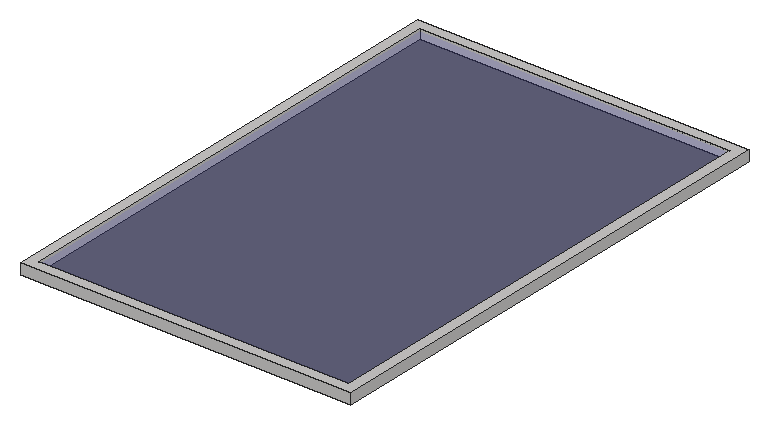
Revit family
Parameters (values of type "24Wx36H")
  offset [instance] = 0' - 0"
  Warranty Duration (Years) = 0
  Unit Width = 2' - 0"
  Unit Height = 3' - 0"
  Unit Depth = 0' - 0 3/4"
  URL = "http://www.bobrick.com/Pages/default.aspx"
  Specification = ""
  SpecWizard = ""
  Send Message = "http://www.arcat.com/users.pl?action=UserEmail&company=Bobrick+Washroom+Equipment,+Inc.&coid=30988&rep=156&fax=818-503-1930&mf="
  Sales Information = "http://www.bobrick.com/Pages/ContactUs.aspx"
  Revision = "R1_10-2012"
  Product Properties = ""
  Product Data = "http://arcat.com/arcatcos/cos30/arc30988.html?isac=1&r=1"
  Model = "B-2908 2436"
  Mirror Background = Paint - Bobrick - Black
  Manufacturer Website = "http://www.bobrick.com/Pages/default.aspx"
  Manufacturer Phone - Toll Free = ""
  Manufacturer Phone = "818-764-1000"
  Manufacturer Fax = "818-503-1930"
  Manufacturer Address = "11611 Hart St. North Hollywood, CA 91605-5882"
  Manufacturer = "Bobrick Washroom Equipment, Inc."
  Maintenance Schedule (Months) = 0
  Keynote = "102813"
  Installation-Fabrication = "http://www.bobrick.com/washroomaccessories/Pages/WashroomAccessories.aspx"
  Installation Phase = ""
  Green Building-LEED = ""
  Glass Material = Glass Mirror - Bobrick
  Frame Material = Stainless Steel - Bobrick - Satin
  Expected Lifespan (Years) = 0
  Drawn By = "Sumex Design, Inc. / Robert S. Weygant, CSI, CDT, SCIP"
  Description = "Bobrick B-2908 2436 Tempered Glass Welded Frame Mirror"
  Default Elevation = 4' - 0"
  Copyright = "©Arcat Inc."
  Construction Details = ""
  Assembly Code = "E1090900"
Types (3): name | Unit Width | Unit Height | Model | Description
  24Wx36H | 2' - 0" | 3' - 0" | "B-2908 2436" | "Bobrick B-2908 2436 Tempered Glass Welded Frame Mirror"
  18Wx36H | 1' - 6" | 3' - 0" | "B-2908 1836" | "Bobrick B-2908 1836 Tempered Glass Welded Frame Mirror"
  18Wx30H | 1' - 6" | 2' - 6" | "B-2908 1830" | "Bobrick B-2908 1830 Tempered Glass Welded Frame Mirror"
Reference planes (in)
  plane 1 "Center (Front/Back)": y = 0
  plane 2 "Bottom": z = 0
  plane 3 "Center (Left/Right)": x = 0
  plane 4 "Front": y = -18
  plane 5 "Back": y = 18
  plane 6 "Left": x = -12
  plane 7 "Right": x = 12
  plane 8 "Top": z = 0.75
Forms (in)
  Extrusion 1, solid, material "Stainless Steel - Bobrick - Satin" <- "Frame Material"
    sketch origin (0, 0, 0) x (1, 0, 0) y (0, 1, 0)
      loop
        line (-12, -18) -> (12, -18) -> (12, 18) -> (-12, 18) -> (-12, -18)
      loop
        line (-11.25, 17.25) -> (-11.25, -17.25) -> (11.25, -17.25) -> (11.25, 17.25) -> (-11.25, 17.25)
    from 0 to 0.75
  Extrusion 2, solid, material "Paint - Bobrick - Black" <- "Mirror Background"
    sketch origin (0, 0, 0) x (1, 0, 0) y (0, 1, 0)
      loop
        line (-11.5, 17.5) -> (-11.5, -17.5) -> (11.5, -17.5) -> (11.5, 17.5) -> (-11.5, 17.5)
    from 0 to 0.125
  Extrusion 3, solid, material "Glass Mirror - Bobrick" <- "Glass Material"
    sketch origin (0, 0, 0) x (1, 0, 0) y (0, 1, 0)
      loop
        line (-11.8125, 17.8125) -> (-11.8125, -17.8125) -> (11.8125, -17.8125) -> (11.8125, 17.8125) -> (-11.8125, 17.8125)
    from 0.125 to 0.625
Dimensions and locks (in)
  equal spacing: plane 6 "Left", plane 3 "Center (Left/Right)", plane 7 "Right"
  "Unit Width": plane 6 "Left" to plane 7 "Right"
  equal spacing: plane 5 "Back", plane 1 "Center (Front/Back)", plane 4 "Front"
  "Unit Height": plane 5 "Back" to plane 4 "Front"
  "Unit Depth": plane 8 "Top" to level
  locked: Extrusion 2 to plane 2 "Bottom" at 0.125
  locked: Extrusion 3 sketch curve to plane 7 "Right" at 0.1875
  locked: plane 6 "Left" to Extrusion 3 sketch curve at 0.1875
  locked: Extrusion 3 sketch curve to plane 4 "Front" at 0.1875
  locked: plane 5 "Back" to Extrusion 3 sketch curve at 0.1875
  locked: plane 6 "Left" to Extrusion 2 sketch curve at 0.5
  locked: Extrusion 2 sketch curve to plane 7 "Right" at 0.5
  locked: Extrusion 3 to plane 2 "Bottom" at 0.125
  locked: plane 8 "Top" to Extrusion 3 at 0.125
  aligned and locked: Extrusion 1 sketch curve to plane 6 "Left"
  aligned and locked: plane 8 "Top" to Extrusion 1
  aligned and locked: Extrusion 3 to Extrusion 2
  aligned and locked: Extrusion 1 sketch curve to plane 4 "Front"
  aligned and locked: Extrusion 1 sketch curve to plane 5 "Back"
Automatic sketch dimensions
  Extrusion 1 sketch curve to plane 7 "Right" = 0' - 0"
  Extrusion 1 sketch curve to plane 7 "Right" = 0' - 0 3/4"
  plane 4 "Front" to Extrusion 1 sketch curve = 0' - 0 3/4"
  plane 6 "Left" to Extrusion 1 sketch curve = 0' - 0 3/4"
  Extrusion 1 sketch curve to plane 5 "Back" = 0' - 0 3/4"
  plane 4 "Front" to Extrusion 2 sketch curve = 0' - 0 1/2"
  Extrusion 2 sketch curve to plane 5 "Back" = 0' - 0 1/2"
